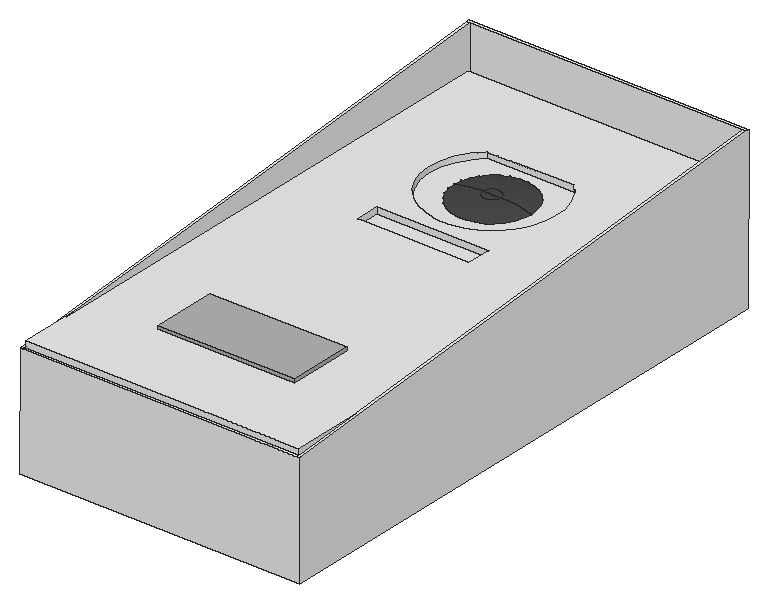
Revit family "Security_DoorStation_AiPhone_DVF-Surface", category Generic Models, Revit 2026
Family settings
  Can host rebar = No
  Round Connector Dimension = Use Diameter
  Part Type = Normal
  Work Plane-Based = Yes
  Always vertical = No
  Cut with Voids When Loaded = No
  Maintain Annotation Orientation = No
  Shared = No
  Room Calculation Point = No
Parameters
  offset [instance] = 0' - 0"
  Warranty Duration (Years) = 0
  Unit Width = 0' - 5 3/4"
  Unit Height = if(Reader, 0' 11 5/8", 0' 9 11/16")  # 0' - 11 5/8"
  Unit Depth = 0' - 1 3/4"
  URL = "http://www.aiphone.com/default.htm"
  Specification = "http://www.arcat.com/sdspecs/htm/13710aic.htm"
  Send Message = "http://www.arcat.com/users.pl?action=UserEmail&company=Aiphone%20Corp.&coid=30204&rep=133&fax=425-455-0071&mf="
  Sales Information = "http://www.aiphone.com/sales/regional-sales/"
  Revision = "R1_10-2010"
  Reader Material = Plastic - AiPhone - Gray
  Reader = or(Proximity Card Reader, HID Reader)  # yes
  Proximity Card Reader = no
  Product Properties = "http://www.arcat.com/bim/bim_info.pl?fn=Aiphone"
  Product Data = "http://www.arcat.com/arcatcos/cos30/arc30204.html"
  Model = "As Specified in 28 16 00"
  Material = Metal - Aluminum - AiPhone - Cast
  Manufacturer Website = "http://www.aiphone.com/default.htm"
  Manufacturer Phone - Toll Free = "800-692-0200 "
  Manufacturer Phone = "425-455-0510 "
  Manufacturer Fax = "425-455-0071"
  Manufacturer Address = "1700 130th Ave. N. E., Bellevue, WA 98005"
  Manufacturer = "Aiphone Corp."
  Maintenance Schedule (Months) = 0
  Keynote = "28 16 00"
  Installation-Fabrication = "http://www.aiphone.com/products/alpha-list/"
  Installation Phase = ""
  HID Reader = yes
  Expected Lifespan (Years) = 0
  Drawn By = "Robert S. Weygant, CSI, CDT, SCIP"
  Description = "Security and Communications Device as Specified in 28 16 00"
  Default Elevation = 4' - 0"
  Copyright = "2010, ARCAT, Inc"
  Construction Details = "http://www.arcat.com/details/aiphone/aiphone.html?coid=30204"
  Assembly Code = "E1010100"
Reference planes (in)
  plane 1 "Temp": y = 3.28125
  plane 2 "Bottom": z = 2.375
  plane 3 "Center (Left/Right)": x = 0
  plane 4 "Front": y = -2.5625
  plane 5 "Back": y = 9.0625
  plane 6 "Left": x = -2.875
  plane 7 "Right": x = 2.875
  plane 8 "Top": z = 2.5
  plane 9: x = -1.4375
  plane 10: x = 1.4375
  plane 11: y = 7.75
  plane 12: y = -0.88337
  plane 13: y = 0.49163
  plane 14: y = 0.61663
  plane 15: z = 0.75
  plane 16: x = 2
  plane 17: x = -2
  plane 18: y = 8.0625
  plane 19: y = -1.5625
  plane 20 "Center Elevation": y = 3.25
Forms (in)
  Extrusion 1, solid, material "Metal - Aluminum - AiPhone - Cast" <- "Material"
    sketch origin (0, 0, 0) x (1, 0, 0) y (0, 1, 0)
      loop
        line (-2, 8.0625) -> (-2, -1.5625) -> (2, -1.5625) -> (2, 8.0625) -> (-2, 8.0625)
    from 0.75 to 2.375
  Extrusion 2, solid, material "Plastic - AiPhone - Gray" <- "Reader Material", visible <- "Reader"
    sketch origin (0, 0, 2.5) x (-1, 0, 0) y (0, -1, 0)
      loop
        line (1.4375, -0.49163) -> (1.4375, 0.88337) -> (-1.4375, 0.88337) -> (-1.4375, -0.49163) -> (1.4375, -0.49163)
    from 0 to 0.0625
  Revolve 3, solid, material "Plastic - AiPhone - Black", detail levels medium+fine
    sketch origin (0, 6.125, 0) x (1, 0, 0) y (0, 0, 1)
      loop
        line (0, 2.375) -> (0.82224, 2.375)
        arc (0.82224, 2.375) -> (0.50652, 2.43907) -> (0.18507, 2.46055) r 2.4156
        line (0.18507, 2.46055) -> (0, 2.46055) -> (0, 2.375)
      axis (0, 2.46055) -> (0, 2.375)
    angle from 0 to 360
  Extrusion 4, solid, material "Metal - Aluminum - AiPhone - Cast" <- "Material"
    sketch origin (0, 0, 0) x (1, 0, 0) y (0, 1, 0)
      loop
        line (-2.875, 9.0625) -> (-2.875, -2.5625) -> (2.875, -2.5625) -> (2.875, 9.0625) -> (-2.875, 9.0625)
      loop
        line (-1.17429, 4.5506) -> (-1.17429, 4.04863) -> (1.17446, 4.04863) -> (1.17446, 4.5506) -> (-1.17429, 4.5506)
      loop
        arc (-0.9284, 7.14996) -> (-0.01926, 4.83419) -> (0.88988, 7.14996) r 1.33634
        line (0.88988, 7.14996) -> (-0.9284, 7.14996)
    from 2.375 to 2.5
Cuts and joins
  joined: Extrusion 1, Extrusion 4
Lines and regions (in)
  model lines, style "Security", detail levels medium+fine
    curve 1: circle (0.86586, 1.40053, 2.5) r 0.43099 normal (0, 0, 1)
    curve 2: circle (-2.125, 8.4125, 2.5) r 0.1875 normal (0, 0, 1)
    curve 3: circle (2.125, 8.4125, 2.5) r 0.1875 normal (0, 0, -1)
    curve 4: circle (-2.125, -1.9125, 2.5) r 0.1875 normal (0, 0, -1)
    curve 5: circle (2.125, -1.9125, 2.5) r 0.1875 normal (0, 0, 1)
  model lines, style "Security", detail levels fine
    curve 6: line (-1.03764, 3.57198, 2.5) -> (-0.89783, 3.57198, 2.5)
    curve 7: line (-1.03764, 3.43502, 2.5) -> (-1.03764, 3.57198, 2.5)
    curve 8: line (-0.89783, 3.43502, 2.5) -> (-1.03764, 3.43502, 2.5)
    curve 9: line (-0.89783, 3.57198, 2.5) -> (-0.89783, 3.43502, 2.5)
    curve 10: line (-0.72299, 3.57198, 2.5) -> (-0.54505, 3.57198, 2.5)
    curve 11: line (-0.72299, 3.39369, 2.5) -> (-0.72299, 3.57198, 2.5)
    curve 12: line (-0.54505, 3.39369, 2.5) -> (-0.72299, 3.39369, 2.5)
    curve 13: line (-0.54505, 3.57198, 2.5) -> (-0.54505, 3.39369, 2.5)
    curve 14: line (-0.40839, 3.57198, 2.5) -> (-0.23045, 3.57198, 2.5)
    curve 15: line (-0.40839, 3.39369, 2.5) -> (-0.40839, 3.57198, 2.5)
    curve 16: line (-0.23045, 3.39369, 2.5) -> (-0.40839, 3.39369, 2.5)
    curve 17: line (-0.23045, 3.57198, 2.5) -> (-0.23045, 3.39369, 2.5)
    curve 18: line (-0.0938, 3.57198, 2.5) -> (0.08414, 3.57198, 2.5)
    curve 19: line (-0.0938, 3.39369, 2.5) -> (-0.0938, 3.57198, 2.5)
    curve 20: line (0.08414, 3.39369, 2.5) -> (-0.0938, 3.39369, 2.5)
    curve 21: line (0.08414, 3.57198, 2.5) -> (0.08414, 3.39369, 2.5)
    curve 22: line (0.2208, 3.57198, 2.5) -> (0.39874, 3.57198, 2.5)
    curve 23: line (0.2208, 3.39369, 2.5) -> (0.2208, 3.57198, 2.5)
    curve 24: line (0.39874, 3.39369, 2.5) -> (0.2208, 3.39369, 2.5)
    curve 25: line (0.39874, 3.57198, 2.5) -> (0.39874, 3.39369, 2.5)
    curve 26: line (0.53539, 3.57198, 2.5) -> (0.71333, 3.57198, 2.5)
    curve 27: line (0.53539, 3.39369, 2.5) -> (0.53539, 3.57198, 2.5)
    curve 28: line (0.71333, 3.39369, 2.5) -> (0.53539, 3.39369, 2.5)
    curve 29: line (0.71333, 3.57198, 2.5) -> (0.71333, 3.39369, 2.5)
    curve 30: line (0.88836, 3.57198, 2.5) -> (1.02817, 3.57198, 2.5)
    curve 31: line (0.88836, 3.43502, 2.5) -> (0.88836, 3.57198, 2.5)
    curve 32: line (1.02817, 3.43502, 2.5) -> (0.88836, 3.43502, 2.5)
    curve 33: line (1.02817, 3.57198, 2.5) -> (1.02817, 3.43502, 2.5)
    curve 34: line (-1.03764, 2.27536, 2.5) -> (-0.89783, 2.27536, 2.5)
    curve 35: line (-1.03764, 2.13841, 2.5) -> (-1.03764, 2.27536, 2.5)
    curve 36: line (-0.89783, 2.13841, 2.5) -> (-1.03764, 2.13841, 2.5)
    curve 37: line (-0.89783, 2.27536, 2.5) -> (-0.89783, 2.13841, 2.5)
    curve 38: line (0.88836, 2.27536, 2.5) -> (1.02817, 2.27536, 2.5)
    curve 39: line (0.88836, 2.13841, 2.5) -> (0.88836, 2.27536, 2.5)
    curve 40: line (1.02817, 2.13841, 2.5) -> (0.88836, 2.13841, 2.5)
    curve 41: line (1.02817, 2.27536, 2.5) -> (1.02817, 2.13841, 2.5)
    curve 42: line (-0.72299, 3.25698, 2.5) -> (-0.54505, 3.25698, 2.5)
    curve 43: line (-0.72299, 3.07868, 2.5) -> (-0.72299, 3.25698, 2.5)
    curve 44: line (-0.54505, 3.07868, 2.5) -> (-0.72299, 3.07868, 2.5)
    curve 45: line (-0.54505, 3.25698, 2.5) -> (-0.54505, 3.07868, 2.5)
    curve 46: line (-0.40839, 3.25698, 2.5) -> (-0.23045, 3.25698, 2.5)
    curve 47: line (-0.40839, 3.07868, 2.5) -> (-0.40839, 3.25698, 2.5)
    curve 48: line (-0.23045, 3.07868, 2.5) -> (-0.40839, 3.07868, 2.5)
    curve 49: line (-0.23045, 3.25698, 2.5) -> (-0.23045, 3.07868, 2.5)
    curve 50: line (-0.0938, 3.25698, 2.5) -> (0.08414, 3.25698, 2.5)
    curve 51: line (-0.0938, 3.07868, 2.5) -> (-0.0938, 3.25698, 2.5)
    curve 52: line (0.08414, 3.07868, 2.5) -> (-0.0938, 3.07868, 2.5)
    curve 53: line (0.08414, 3.25698, 2.5) -> (0.08414, 3.07868, 2.5)
    curve 54: line (0.2208, 3.25698, 2.5) -> (0.39874, 3.25698, 2.5)
    curve 55: line (0.2208, 3.07868, 2.5) -> (0.2208, 3.25698, 2.5)
    curve 56: line (0.39874, 3.07868, 2.5) -> (0.2208, 3.07868, 2.5)
    curve 57: line (0.39874, 3.25698, 2.5) -> (0.39874, 3.07868, 2.5)
    curve 58: line (0.53539, 3.25698, 2.5) -> (0.71333, 3.25698, 2.5)
    curve 59: line (0.53539, 3.07868, 2.5) -> (0.53539, 3.25698, 2.5)
    curve 60: line (0.71333, 3.07868, 2.5) -> (0.53539, 3.07868, 2.5)
    curve 61: line (0.71333, 3.25698, 2.5) -> (0.71333, 3.07868, 2.5)
    curve 62: line (-0.72299, 2.94197, 2.5) -> (-0.54505, 2.94197, 2.5)
    curve 63: line (-0.72299, 2.76368, 2.5) -> (-0.72299, 2.94197, 2.5)
    curve 64: line (-0.54505, 2.76368, 2.5) -> (-0.72299, 2.76368, 2.5)
    curve 65: line (-0.54505, 2.94197, 2.5) -> (-0.54505, 2.76368, 2.5)
    curve 66: line (-0.40839, 2.94197, 2.5) -> (-0.23045, 2.94197, 2.5)
    curve 67: line (-0.40839, 2.76368, 2.5) -> (-0.40839, 2.94197, 2.5)
    curve 68: line (-0.23045, 2.76368, 2.5) -> (-0.40839, 2.76368, 2.5)
    curve 69: line (-0.23045, 2.94197, 2.5) -> (-0.23045, 2.76368, 2.5)
    curve 70: line (-0.0938, 2.94197, 2.5) -> (0.08414, 2.94197, 2.5)
    curve 71: line (-0.0938, 2.76368, 2.5) -> (-0.0938, 2.94197, 2.5)
    curve 72: line (0.08414, 2.76368, 2.5) -> (-0.0938, 2.76368, 2.5)
    curve 73: line (0.08414, 2.94197, 2.5) -> (0.08414, 2.76368, 2.5)
    curve 74: line (0.2208, 2.94197, 2.5) -> (0.39874, 2.94197, 2.5)
    curve 75: line (0.2208, 2.76368, 2.5) -> (0.2208, 2.94197, 2.5)
    curve 76: line (0.39874, 2.76368, 2.5) -> (0.2208, 2.76368, 2.5)
    curve 77: line (0.39874, 2.94197, 2.5) -> (0.39874, 2.76368, 2.5)
    curve 78: line (0.53539, 2.94197, 2.5) -> (0.71333, 2.94197, 2.5)
    curve 79: line (0.53539, 2.76368, 2.5) -> (0.53539, 2.94197, 2.5)
    curve 80: line (0.71333, 2.76368, 2.5) -> (0.53539, 2.76368, 2.5)
    curve 81: line (0.71333, 2.94197, 2.5) -> (0.71333, 2.76368, 2.5)
    curve 82: line (-0.72299, 2.62697, 2.5) -> (-0.54505, 2.62697, 2.5)
    curve 83: line (-0.72299, 2.44868, 2.5) -> (-0.72299, 2.62697, 2.5)
    curve 84: line (-0.54505, 2.44868, 2.5) -> (-0.72299, 2.44868, 2.5)
    curve 85: line (-0.54505, 2.62697, 2.5) -> (-0.54505, 2.44868, 2.5)
    curve 86: line (-0.40839, 2.62697, 2.5) -> (-0.23045, 2.62697, 2.5)
    curve 87: line (-0.40839, 2.44868, 2.5) -> (-0.40839, 2.62697, 2.5)
    curve 88: line (-0.23045, 2.44868, 2.5) -> (-0.40839, 2.44868, 2.5)
    curve 89: line (-0.23045, 2.62697, 2.5) -> (-0.23045, 2.44868, 2.5)
    curve 90: line (-0.0938, 2.62697, 2.5) -> (0.08414, 2.62697, 2.5)
    curve 91: line (-0.0938, 2.44868, 2.5) -> (-0.0938, 2.62697, 2.5)
    curve 92: line (0.08414, 2.44868, 2.5) -> (-0.0938, 2.44868, 2.5)
    curve 93: line (0.08414, 2.62697, 2.5) -> (0.08414, 2.44868, 2.5)
    curve 94: line (0.2208, 2.62697, 2.5) -> (0.39874, 2.62697, 2.5)
    curve 95: line (0.2208, 2.44868, 2.5) -> (0.2208, 2.62697, 2.5)
    curve 96: line (0.39874, 2.44868, 2.5) -> (0.2208, 2.44868, 2.5)
    curve 97: line (0.39874, 2.62697, 2.5) -> (0.39874, 2.44868, 2.5)
    curve 98: line (0.53539, 2.62697, 2.5) -> (0.71333, 2.62697, 2.5)
    curve 99: line (0.53539, 2.44868, 2.5) -> (0.53539, 2.62697, 2.5)
    curve 100: line (0.71333, 2.44868, 2.5) -> (0.53539, 2.44868, 2.5)
    curve 101: line (0.71333, 2.62697, 2.5) -> (0.71333, 2.44868, 2.5)
    curve 102: line (-0.72299, 2.31197, 2.5) -> (-0.54505, 2.31197, 2.5)
    curve 103: line (-0.72299, 2.13367, 2.5) -> (-0.72299, 2.31197, 2.5)
    curve 104: line (-0.54505, 2.13367, 2.5) -> (-0.72299, 2.13367, 2.5)
    curve 105: line (-0.54505, 2.31197, 2.5) -> (-0.54505, 2.13367, 2.5)
    curve 106: line (-0.40839, 2.31197, 2.5) -> (-0.23045, 2.31197, 2.5)
    curve 107: line (-0.40839, 2.13367, 2.5) -> (-0.40839, 2.31197, 2.5)
    curve 108: line (-0.23045, 2.13367, 2.5) -> (-0.40839, 2.13367, 2.5)
    curve 109: line (-0.23045, 2.31197, 2.5) -> (-0.23045, 2.13367, 2.5)
    curve 110: line (-0.0938, 2.31197, 2.5) -> (0.08414, 2.31197, 2.5)
    curve 111: line (-0.0938, 2.13367, 2.5) -> (-0.0938, 2.31197, 2.5)
    curve 112: line (0.08414, 2.13367, 2.5) -> (-0.0938, 2.13367, 2.5)
    curve 113: line (0.08414, 2.31197, 2.5) -> (0.08414, 2.13367, 2.5)
    curve 114: line (0.2208, 2.31197, 2.5) -> (0.39874, 2.31197, 2.5)
    curve 115: line (0.2208, 2.13367, 2.5) -> (0.2208, 2.31197, 2.5)
    curve 116: line (0.39874, 2.13367, 2.5) -> (0.2208, 2.13367, 2.5)
    curve 117: line (0.39874, 2.31197, 2.5) -> (0.39874, 2.13367, 2.5)
    curve 118: line (0.53539, 2.31197, 2.5) -> (0.71333, 2.31197, 2.5)
    curve 119: line (0.53539, 2.13367, 2.5) -> (0.53539, 2.31197, 2.5)
    curve 120: line (0.71333, 2.13367, 2.5) -> (0.53539, 2.13367, 2.5)
    curve 121: line (0.71333, 2.31197, 2.5) -> (0.71333, 2.13367, 2.5)
    curve 122: line (-1.03766, 3.25698, 2.5) -> (-0.85973, 3.25698, 2.5)
    curve 123: line (-1.03766, 3.07868, 2.5) -> (-1.03766, 3.25698, 2.5)
    curve 124: line (-0.85973, 3.07868, 2.5) -> (-1.03766, 3.07868, 2.5)
    curve 125: line (-0.85973, 3.25698, 2.5) -> (-0.85973, 3.07868, 2.5)
    curve 126: line (-1.03766, 2.94197, 2.5) -> (-0.85973, 2.94197, 2.5)
    curve 127: line (-1.03766, 2.76368, 2.5) -> (-1.03766, 2.94197, 2.5)
    curve 128: line (-0.85973, 2.76368, 2.5) -> (-1.03766, 2.76368, 2.5)
    curve 129: line (-0.85973, 2.94197, 2.5) -> (-0.85973, 2.76368, 2.5)
    curve 130: line (-1.03766, 2.62697, 2.5) -> (-0.85973, 2.62697, 2.5)
    curve 131: line (-1.03766, 2.44868, 2.5) -> (-1.03766, 2.62697, 2.5)
    curve 132: line (-0.85973, 2.44868, 2.5) -> (-1.03766, 2.44868, 2.5)
    curve 133: line (-0.85973, 2.62697, 2.5) -> (-0.85973, 2.44868, 2.5)
    curve 134: line (0.85023, 3.25698, 2.5) -> (1.02817, 3.25698, 2.5)
    curve 135: line (0.85023, 3.07868, 2.5) -> (0.85023, 3.25698, 2.5)
    curve 136: line (1.02817, 3.07868, 2.5) -> (0.85023, 3.07868, 2.5)
    curve 137: line (1.02817, 3.25698, 2.5) -> (1.02817, 3.07868, 2.5)
    curve 138: line (0.85023, 2.94197, 2.5) -> (1.02817, 2.94197, 2.5)
    curve 139: line (0.85023, 2.76368, 2.5) -> (0.85023, 2.94197, 2.5)
    curve 140: line (1.02817, 2.76368, 2.5) -> (0.85023, 2.76368, 2.5)
    curve 141: line (1.02817, 2.94197, 2.5) -> (1.02817, 2.76368, 2.5)
    curve 142: line (0.85023, 2.62697, 2.5) -> (1.02817, 2.62697, 2.5)
    curve 143: line (0.85023, 2.44868, 2.5) -> (0.85023, 2.62697, 2.5)
    curve 144: line (1.02817, 2.44868, 2.5) -> (0.85023, 2.44868, 2.5)
    curve 145: line (1.02817, 2.62697, 2.5) -> (1.02817, 2.44868, 2.5)
Dimensions and locks (in)
  equal spacing: plane 6 "Left", plane 3 "Center (Left/Right)", plane 7 "Right"
  locked: plane 5 "Back" to plane 1 "Temp" at 5.78125
  "Unit Width": plane 6 "Left" to plane 7 "Right"
  "Unit Height": plane 5 "Back" to plane 4 "Front"
  plane 5 "Back" to plane 11 to plane 12 = 0' - 1 5/16" locked, 0' - 8.63337" locked
  plane 9 to plane 3 "Center (Left/Right)" to plane 10 = 0' - 1 7/16" locked, 0' - 1 7/16" locked
  plane 14 to plane 13 to plane 12 = 0' - 0 1/8" locked, 0' - 1 3/8" locked
  plane 8 "Top" to level = 0' - 2 1/2"
  "Unit Depth": plane 8 "Top" to plane 15
  locked: plane 6 "Left" to plane 17 at 0.875
  locked: plane 16 to plane 7 "Right" at 0.875
  locked: plane 5 "Back" to plane 18 at 1
  locked: plane 19 to plane 4 "Front" at 1
  equal spacing: plane 5 "Back", plane 20 "Center Elevation", plane 4 "Front"
  locked: plane 2 "Bottom" to level at 2.375
  aligned and locked: Extrusion 1 to plane 15
  aligned and locked: plane 8 "Top" to Extrusion 4
  aligned and locked: plane 3 "Center (Left/Right)" to nested 1
  aligned and locked: plane 1 "Temp" to nested 1
  aligned and locked: cut or joined group of Extrusion 1, Extrusion 4 to plane 2 "Bottom"
  aligned and locked: plane 2 "Bottom" to cut or joined group of Extrusion 1, Extrusion 4
Automatic sketch dimensions
  Extrusion 2 sketch curve to plane 10 = 0' - 0"
  Extrusion 2 sketch curve to plane 9 = 0' - 0"
  Extrusion 2 sketch curve to plane 13 = 0' - 0"
  Extrusion 2 sketch curve to plane 12 = 0' - 0"
  Extrusion 1 sketch curve to plane 17 = 0' - 0"
  Extrusion 1 sketch curve to plane 16 = 0' - 0"
  Extrusion 1 sketch curve to plane 19 = 0' - 0"
  Extrusion 1 sketch curve to plane 18 = 0' - 0"
  Extrusion 4 sketch curve to plane 4 "Front" = 0' - 0"
  Extrusion 4 sketch curve to plane 6 "Left" = 0' - 0"
  Extrusion 4 sketch curve to plane 7 "Right" = 0' - 0"
  Extrusion 4 sketch curve to plane 5 "Back" = 0' - 0"
  plane 9 to Extrusion 4 sketch curve = 0' - 0.26321"
  plane 9 to Extrusion 4 sketch curve = 0' - 0.5091"
  Extrusion 4 sketch curve to plane 3 "Center (Left/Right)" = 0' - 0.01926"
  Extrusion 4 sketch curve to plane 10 = 0' - 0.26304"
  Extrusion 4 sketch curve to plane 1 "Temp" = 0' - 0.76738"
  Extrusion 4 sketch curve to Extrusion 4 sketch curve = 0' - 0.50197"
  Extrusion 4 sketch curve to plane 11 = 0' - 1.57947"
  Extrusion 4 sketch curve to plane 11 = 0' - 0.60004"
  plane 16 to curve 3 = 0' - 0 1/8"
  plane 16 to curve 5 = 0' - 0 1/8"
  curve 1 to plane 10 = 0' - 0.57164"
  curve 4 to plane 17 = 0' - 0 1/8"
  curve 2 to plane 17 = 0' - 0 1/8"
  plane 18 to curve 2 = 0' - 0.35"
  plane 18 to curve 3 = 0' - 0.35"
  curve 5 to plane 19 = 0' - 0.35"
  curve 4 to plane 19 = 0' - 0.35"
  plane 14 to curve 1 = 0' - 0.78389"
  curve 144 to plane 10 = 0' - 0.40933"
  curve 141 to curve 142 = 0' - 0"
  curve 137 to curve 138 = 0' - 0"
  curve 30 to curve 134 = 0' - 0"
  curve 41 to curve 144 = 0' - 0"
  curve 38 to curve 38 = 0' - 0.13981"
  curve 32 to curve 32 = 0' - 0.13981"
  plane 1 "Temp" to curve 135 = 0' - 0.02427"
  curve 142 to curve 139 = 0' - 0"
  curve 38 to curve 143 = 0' - 0.03813"
  curve 39 to curve 120 = 0' - 0.17503"
  curve 30 to curve 26 = 0' - 0.17503"
  curve 100 to curve 118 = 0' - 0"
  curve 139 to curve 80 = 0' - 0.1369"
  curve 135 to curve 61 = 0' - 0.1369"
  curve 81 to curve 61 = 0' - 0"
  curve 28 to curve 28 = 0' - 0.17794"
  curve 59 to curve 78 = 0' - 0"
  curve 119 to curve 99 = 0' - 0"
  curve 79 to curve 99 = 0' - 0"
  curve 119 to curve 116 = 0' - 0.13666"
  curve 98 to curve 97 = 0' - 0.13666"
  curve 78 to curve 74 = 0' - 0.13666"
  curve 27 to curve 24 = 0' - 0.13666"
  curve 59 to curve 57 = 0' - 0.13666"
  curve 74 to curve 55 = 0' - 0"
  curve 94 to curve 75 = 0' - 0"
  curve 22 to curve 22 = 0' - 0.17794"
  curve 23 to curve 54 = 0' - 0"
  curve 114 to curve 95 = 0' - 0"
  curve 116 to curve 115 = 0' - 0.17794"
  plane 3 "Center (Left/Right)" to curve 113 = 0' - 0.08414"
  plane 3 "Center (Left/Right)" to curve 21 = 0' - 0.08414"
  plane 1 "Temp" to curve 50 = 0' - 0.02427"
  plane 3 "Center (Left/Right)" to curve 93 = 0' - 0.08414"
  plane 3 "Center (Left/Right)" to curve 52 = 0' - 0.08414"
  plane 3 "Center (Left/Right)" to curve 72 = 0' - 0.08414"
  curve 71 to plane 3 "Center (Left/Right)" = 0' - 0.0938"
  curve 52 to plane 3 "Center (Left/Right)" = 0' - 0.0938"
  curve 110 to plane 3 "Center (Left/Right)" = 0' - 0.0938"
  curve 18 to plane 3 "Center (Left/Right)" = 0' - 0.0938"
  curve 91 to plane 3 "Center (Left/Right)" = 0' - 0.0938"
  curve 72 to curve 68 = 0' - 0.13666"
  curve 50 to curve 46 = 0' - 0.13666"
  curve 112 to curve 108 = 0' - 0.13666"
  curve 92 to curve 88 = 0' - 0.13666"
  curve 20 to curve 17 = 0' - 0.13666"
  plane 1 "Temp" to curve 47 = 0' - 0.02427"
  curve 46 to curve 47 = 0' - 0.17794"
  curve 14 to curve 15 = 0' - 0.17794"
  curve 87 to curve 67 = 0' - 0"
  curve 108 to curve 108 = 0' - 0.17794"
  curve 107 to curve 87 = 0' - 0"
  curve 106 to curve 105 = 0' - 0.13666"
  plane 1 "Temp" to curve 42 = 0' - 0.02427"
  curve 46 to curve 42 = 0' - 0.13666"
  curve 15 to curve 12 = 0' - 0.13666"
  curve 66 to curve 62 = 0' - 0.13666"
  curve 87 to curve 84 = 0' - 0.13666"
  curve 42 to curve 43 = 0' - 0.17794"
  curve 11 to curve 42 = 0' - 0"
  curve 62 to curve 43 = 0' - 0"
  curve 84 to curve 102 = 0' - 0"
  curve 83 to curve 63 = 0' - 0"
  plane 1 "Temp" to curve 125 = 0' - 0.02427"
  curve 126 to curve 125 = 0' - 0"
  curve 82 to curve 130 = 0' - 0 35/256"
  curve 128 to curve 130 = 0' - 0"
  curve 11 to curve 8 = 0' - 0.17484"
  curve 103 to curve 37 = 0' - 0.17484"
  curve 34 to curve 34 = 0' - 0.13981"
  curve 8 to curve 7 = 0' - 0.13981"
  curve 122 to curve 123 = 0' - 0.17794"
  curve 130 to curve 127 = 0' - 0"
  curve 34 to curve 132 = 0' - 0.00003"
  curve 31 to plane 1 "Temp" = 0' - 0.29073"
  curve 29 to curve 30 = 0' - 0"
  curve 10 to curve 6 = 0' - 0"
  curve 25 to curve 26 = 0' - 0"
  curve 14 to curve 10 = 0' - 0"
  curve 21 to curve 22 = 0' - 0"
  curve 19 to curve 14 = 0' - 0"
  curve 30 to curve 33 = 0' - 0.13696"
  curve 6 to curve 7 = 0' - 0.13696"
  curve 23 to plane 1 "Temp" = 0' - 0.11244"
  curve 12 to plane 1 "Temp" = 0' - 0.11244"
  curve 21 to plane 1 "Temp" = 0' - 0.11244"
  curve 27 to plane 1 "Temp" = 0' - 0.11244"
  curve 16 to plane 1 "Temp" = 0' - 0.11244"
  plane 1 "Temp" to curve 58 = 0' - 0.02427"
  plane 1 "Temp" to curve 57 = 0' - 0.02427"
  curve 42 to curve 44 = 0' - 0.17829"
  curve 47 to curve 44 = 0' - 0"
  curve 134 to curve 136 = 0' - 0.17829"
  curve 51 to curve 48 = 0' - 0"
  curve 55 to curve 52 = 0' - 0"
  curve 125 to curve 43 = 0' - 0"
  curve 56 to curve 60 = 0' - 0"
  curve 135 to curve 138 = 0' - 0 35/256"
  curve 123 to curve 126 = 0' - 0 35/256"
  curve 43 to curve 62 = 0' - 0 35/256"
  curve 66 to curve 62 = 0' - 0"
  curve 56 to curve 74 = 0' - 0 35/256"
  curve 79 to curve 74 = 0' - 0"
  curve 70 to curve 66 = 0' - 0"
  curve 73 to curve 75 = 0' - 0"
  curve 72 to curve 68 = 0' - 0"
  curve 79 to curve 76 = 0' - 0"
  curve 138 to curve 140 = 0' - 0.17829"
  curve 65 to curve 68 = 0' - 0"
  curve 126 to curve 129 = 0' - 0.17829"
  curve 64 to curve 129 = 0' - 0"
  curve 90 to curve 86 = 0' - 0"
  curve 85 to curve 86 = 0' - 0"
  curve 139 to curve 142 = 0' - 0 35/256"
  curve 94 to curve 90 = 0' - 0"
  curve 127 to curve 130 = 0' - 0 35/256"
  curve 98 to curve 94 = 0' - 0"
  curve 63 to curve 83 = 0' - 0 35/256"
  curve 97 to curve 99 = 0' - 0"
  curve 142 to curve 145 = 0' - 0.17829"
  curve 93 to curve 96 = 0' - 0"
  curve 89 to curve 92 = 0' - 0"
  curve 85 to curve 87 = 0' - 0"
  curve 84 to curve 132 = 0' - 0"
  curve 143 to curve 100 = 0' - 0"
  curve 87 to curve 107 = 0' - 0 35/256"
  curve 118 to curve 117 = 0' - 0"
  curve 110 to curve 106 = 0' - 0"
  curve 105 to curve 106 = 0' - 0"
  curve 115 to curve 110 = 0' - 0"
  curve 144 to curve 38 = 0' - 0.17332"
  curve 132 to curve 37 = 0' - 0.17332"
  curve 38 to curve 40 = 0' - 0.13696"
  curve 34 to curve 36 = 0' - 0.13696"
  curve 110 to curve 112 = 0' - 0.17829"
  curve 36 to curve 103 = 0' - 0.00473"
  curve 108 to curve 112 = 0' - 0"
  curve 39 to curve 121 = 0' - 0.00473"
  curve 120 to curve 116 = 0' - 0"
  Revolve 3 sketch curve to plane 2 "Bottom" = 0' - 0"
  Revolve 3 sketch curve to plane 3 "Center (Left/Right)" = 0' - 0"  (x2)
  plane 3 "Center (Left/Right)" to Revolve 3 sketch curve = 0' - 0.18507"
  Revolve 3 sketch curve to plane 10 = 0' - 0.61526"
  Revolve 3 sketch curve to plane 2 "Bottom" = 0' - 0.29856"
  level to Revolve 3 sketch curve = 0' - 0.04495"
  Revolve 3 sketch curve to Revolve 3 sketch curve = 0' - 0"
  radius of curve 1 = 0' - 0.43099"
  radius of curve 2 = 0' - 0 3/16"
  radius of curve 3 = 0' - 0 3/16"
  radius of curve 4 = 0' - 0 3/16"
  radius of curve 5 = 0' - 0 3/16"
Nested families (in)
  nested 1: "Box_SBX-DVF-P" at (0, 2.125, 0), type "Box_SBX-DVF-P"
    with offset 0' - 0"
Definition of nested family "Box_SBX-DVF-P"
  Parameters
    offset [instance] = 0' - 0"
    Warranty Duration (Years) = 0
    Unit Width = 0' - 5 7/8"
    Unit Height = 0' - 11 13/16"
    Unit Depth = 0' - 2 3/8"
    URL = "http://www.aiphone.com/default.htm"
    Specification = "http://www.arcat.com/sdspecs/htm/13710aic.htm"
    Send Message = "http://www.arcat.com/users.pl?action=UserEmail&company=Aiphone%20Corp.&coid=30204&rep=133&fax=425-455-0071&mf="
    Sales Information = "http://www.aiphone.com/sales/regional-sales/"
    Revision = "R1_10-2010"
    Product Properties = "http://www.arcat.com/bim/bim_info.pl?fn=Aiphone"
    Product Data = "http://www.arcat.com/arcatcos/cos30/arc30204.html"
    Model = "As Specified in 28 16 00"
    Material = none
    Manufacturer Website = "http://www.aiphone.com/default.htm"
    Manufacturer Phone - Toll Free = "800-692-0200 "
    Manufacturer Phone = "425-455-0510 "
    Manufacturer Fax = "425-455-0071"
    Manufacturer Address = "1700 130th Ave. N. E., Bellevue, WA 98005"
    Manufacturer = "Aiphone Corp."
    Maintenance Schedule (Months) = 0
    Keynote = "28 16 00"
    Installation-Fabrication = "http://www.aiphone.com/products/alpha-list/"
    Installation Phase = ""
    Expected Lifespan (Years) = 0
    Drawn By = "Robert S. Weygant, CSI, CDT, SCIP"
    Description = "Security and Communications Device as Specified in 28 16 00"
    Default Elevation = 4' - 0"
    Copyright = "2010, ARCAT, Inc"
    Construction Details = "http://www.arcat.com/details/aiphone/aiphone.html?coid=30204"
    Assembly Code = "E1010100"
  Reference planes (in)
    plane 1 "Center (Front/Back)": y = 1.15625
    plane 2 "Bottom": z = 0
    plane 3 "Center (Left/Right)": x = 0
    plane 4 "Front": y = -4.75
    plane 5 "Back": y = 7.0625
    plane 6 "Left": x = -2.9375
    plane 7 "Right": x = 2.9375
    plane 8 "Top": z = 2.375
    plane 9: z = 3.375
  Forms (in)
    Extrusion 1, solid, material <- "Material"
      sketch origin (0, 0, 0) x (1, 0, 0) y (0, 1, 0)
        loop
          line (-2.9375, 7.0625) -> (-2.9375, -4.75) -> (2.9375, -4.75) -> (2.9375, 7.0625) -> (-2.9375, 7.0625)
      from 0 to 2.375
    Extrusion 2, solid, material <- "Material"
      sketch origin (-43.59721, -180, 2.375) x (-1, 0, 0) y (0, -1, 0)
        loop
          line (-40.65971, -175.25) -> (-40.72221, -175.25) -> (-40.72221, -187) -> (-46.47221, -187) -> (-46.47221, -175.25) -> (-46.53471, -175.25) -> (-46.53471, -187.0625) -> (-40.65971, -187.0625) -> (-40.65971, -175.25)
      from 0 to 1
    Extrusion 3, void
      sketch origin (0, 0, 0) x (0, 1, 0) y (0, 0, 1)
        loop
          line (7, 3.375) -> (7.0625, 3.375) -> (7.0625, 3.46998) -> (-4.87582, 3.46998) -> (-4.87582, 2.375) -> (-4.75, 2.375) -> (7, 3.375)
      from -2.9375 to 2.9375
  Cuts and joins
    Extrusion 3 cuts Extrusion 2
    joined: Extrusion 1, Extrusion 2
  Dimensions and locks (in)
    equal spacing: plane 6 "Left", plane 3 "Center (Left/Right)", plane 7 "Right"
    equal spacing: plane 5 "Back", plane 1 "Center (Front/Back)", plane 4 "Front"
    "Unit Depth": plane 8 "Top" to level
    "Unit Width": plane 6 "Left" to plane 7 "Right"
    "Unit Height": plane 5 "Back" to plane 4 "Front"
    aligned and locked: plane 8 "Top" to Extrusion 1
    aligned and locked: plane 9 to Extrusion 2
    aligned and locked: plane 7 "Right" to Extrusion 3
    aligned and locked: Extrusion 3 to plane 6 "Left"
    aligned: Extrusion 3 sketch curve to cut or joined group of Extrusion 1, Extrusion 2, Extrusion 3
  Automatic sketch dimensions
    Extrusion 1 sketch curve to plane 4 "Front" = 0' - 0"
    Extrusion 1 sketch curve to plane 6 "Left" = 0' - 0"
    Extrusion 1 sketch curve to plane 7 "Right" = 0' - 0"
    Extrusion 1 sketch curve to plane 5 "Back" = 0' - 0"
    Extrusion 2 sketch curve to plane 4 "Front" = 0' - 0"  (x2)
    Extrusion 2 sketch curve to plane 7 "Right" = 0' - 0"
    Extrusion 2 sketch curve to plane 5 "Back" = 0' - 0"
    Extrusion 2 sketch curve to plane 6 "Left" = 0' - 0"
    Extrusion 2 sketch curve to plane 7 "Right" = 0' - 0 1/16"
    plane 6 "Left" to Extrusion 2 sketch curve = 0' - 0 1/16"
    Extrusion 2 sketch curve to plane 5 "Back" = 0' - 0 1/16"
    Extrusion 3 sketch curve to plane 8 "Top" = 0' - 0"
    Extrusion 3 sketch curve to plane 4 "Front" = 0' - 0"
    Extrusion 3 sketch curve to plane 9 = 0' - 0"
    Extrusion 3 sketch curve to plane 5 "Back" = 0' - 0"
    Extrusion 3 sketch curve to plane 4 "Front" = 0' - 0.12582"
    Extrusion 3 sketch curve to plane 5 "Back" = 0' - 0 1/16"
    Extrusion 3 sketch curve to Extrusion 3 sketch curve = 0' - 0.09498"
